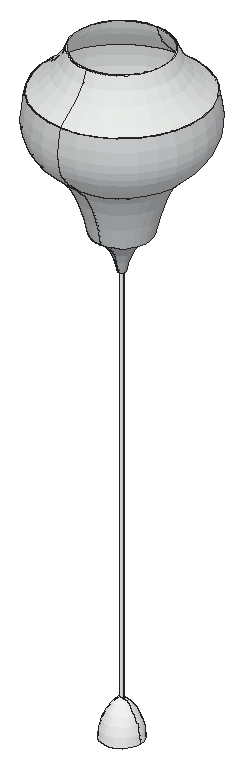
Revit family "Cirque 380 grey top", category Lighting Fixtures, host Face, Revit 2015
Parameters
  Width = 0 mm
  Weight (Kg) = 0
  Wattage = 96 W
  built-in parameter 1150110 = 1 (stored number, unit not read)
  Voltage (US Only) = 0 V
  Trim and Accessories = ""
  built-in parameter 1114217 = 1 (stored number, unit not read)
  Tilt Angle = -90.00°
  built-in parameter 1150109 = 1 (stored number, unit not read)
  built-in parameter 1150134 = 3
  Suspension Height [instance] = 1000 mm
  built-in parameter 1150113 = 1 (stored number, unit not read)
  Reflector Finish = none
  Product Documentation Link = ""
  Product Code = "x"
  Product Category = "Pendant"
  Power Factor (US Only) = 0
  Photometric Web File = "generic"
  Option = ""
  Number of Poles (US Only) = 0
  built-in parameter 1150142 = (empty or 0)
  Manufacturer = "Louis Poulsen Lighting"
  built-in parameter 1150105 = 267.38 (stored number, unit not read)
  Lumens = 3360 lm
  built-in parameter 1150115 = 1 (stored number, unit not read)
  Lighting Technique = ""
  built-in parameter 1150137 = (empty or 0)
  built-in parameter 1150139 = (empty or 0)
  Length = 0 mm
  built-in parameter 1150112 = 1 (stored number, unit not read)
  built-in parameter 1150114 = 1 (stored number, unit not read)
  Lamp = "x"
  Insulation Class (Not US) = ""
  built-in parameter 1150132 = 2
  built-in parameter 1150102 = (empty or 0)
  built-in parameter 1150107 = 3200 (stored number, unit not read)
  built-in parameter 1150138 = (empty or 0)
  built-in parameter 1150106 = 2.6738 (stored number, unit not read)
  IP (Not US) = ""
  IK (Not US - Outdoor only) = ""
  Height = 0 mm
  Efficiency (Lm/W) = ""
  built-in parameter 1150104 = 3.2516 (stored number, unit not read)
  Drawn By = "Louis Poulsen Lighting"
  Dimming Lamp Color Temperature Shift = <None>
  Designer = ""
  Description = "x"
  Default Elevation = 1000 mm
  Cut-off = "N/A"
  Color Filter = 16777215
  CRI = ""
  Build-in height = ""
  Bug Rating (US Outdoor Only) = "N/A"
  Body Finish = Default
  built-in parameter 1114218 = 1 (stored number, unit not read)
  built-in parameter 1150133 = 10 (stored number, unit not read)
Reference planes
  plane 1 "Center (Front/Back)": y = 0
  plane 2: z = 0
  plane 3 "Center (Left/Right)": x = 0
  plane 4 "Suspension height Ref Level": z = 1000
Forms (mm)
  Revolve 1, solid, material "Default"
    sketch origin (0, 0, 0) x (0, 1, 0) y (0, 0, 1)
      loop
        line (-8.406, 1000) -> (-6.583, 1000)
        spline (-6.583, 1000) -> (-8.491, 1010.201) -> (-10.89, 1019.821) -> (-13.782, 1028.86) -> (-17.169, 1037.316) -> (-21.054, 1045.189) -> (-25.436, 1052.476) -> (-30.317, 1059.172) -> (-35.695, 1065.273) -> (-41.572, 1070.776) -> (-47.942, 1075.678) -> (-54.803, 1079.977) -> (-62.148, 1083.67)
        line (-62.148, 1083.67) -> (-62.881, 1082.025)
        spline (-62.881, 1082.025) -> (-55.698, 1078.426) -> (-48.996, 1074.238) -> (-42.774, 1069.462) -> (-37.033, 1064.098) -> (-31.773, 1058.145) -> (-26.993, 1051.604) -> (-22.694, 1044.474) -> (-18.875, 1036.756) -> (-15.537, 1028.45) -> (-12.679, 1019.555) -> (-10.302, 1010.072) -> (-8.406, 1000)
      axis (0, 1000) -> (0, 1083.67)
    angle from 0 to 360
  Revolve 2, solid, material "Default"
    sketch origin (0, 0, 0) x (0, 1, 0) y (0, 0, 1)
      loop
        line (-62.881, 1082.025) -> (-61.12, 1082.399)
        spline (-61.12, 1082.399) -> (-64.163, 1096.786) -> (-67.405, 1111.069) -> (-70.923, 1125.156) -> (-74.791, 1138.956) -> (-79.087, 1152.378) -> (-83.885, 1165.331) -> (-89.266, 1177.722) -> (-95.308, 1189.46) -> (-102.09, 1200.453) -> (-109.69, 1210.604) -> (-118.185, 1219.815) -> (-127.652, 1227.986)
        line (-127.652, 1227.986) -> (-130.505, 1227.986)
        spline (-130.505, 1227.986) -> (-121.027, 1219.908) -> (-112.497, 1210.775) -> (-104.842, 1200.681) -> (-97.985, 1189.719) -> (-91.852, 1177.982) -> (-86.368, 1165.566) -> (-81.457, 1152.563) -> (-77.045, 1139.066) -> (-73.057, 1125.171) -> (-69.416, 1110.969) -> (-66.049, 1096.556) -> (-62.881, 1082.025)
      axis (0, 1082.025) -> (0, 1227.986)
    angle from 0 to 360
  Revolve 3, solid, material "Default"
    sketch origin (0, 0, 0) x (0, 1, 0) y (0, 0, 1)
      loop
        line (-130.505, 1227.986) -> (-127.652, 1227.986)
        spline (-127.652, 1227.986) -> (-145.912, 1243.037) -> (-159.212, 1256.033) -> (-168.701, 1267.672) -> (-175.548, 1278.683) -> (-180.75, 1289.724) -> (-184.555, 1301.082) -> (-187.009, 1312.987) -> (-188.145, 1325.676) -> (-187.99, 1339.329) -> (-186.578, 1354.001) -> (-183.947, 1369.578) -> (-180.137, 1385.955)
        line (-180.137, 1385.955) -> (-182.012, 1385.955)
        spline (-182.012, 1385.955) -> (-185.885, 1369.725) -> (-188.587, 1354.263) -> (-190.076, 1339.664) -> (-190.307, 1326.021) -> (-189.242, 1313.316) -> (-186.847, 1301.354) -> (-183.089, 1289.926) -> (-177.937, 1278.824) -> (-171.131, 1267.737) -> (-161.698, 1256.032) -> (-148.527, 1243.013) -> (-130.505, 1227.986)
      axis (0, 1385.955) -> (0, 1227.986)
    angle from 0 to 360
  Revolve 4, solid, material "Default"
    sketch origin (0, 0, 0) x (0, 1, 0) y (0, 0, 1)
      loop
        line (-182.012, 1385.955) -> (-180.98, 1384.48)
        spline (-180.98, 1384.48) -> (-172.527, 1390.564) -> (-164.234, 1396.869) -> (-156.161, 1403.423) -> (-148.368, 1410.254) -> (-140.917, 1417.387) -> (-133.867, 1424.85) -> (-127.281, 1432.67) -> (-121.221, 1440.872) -> (-115.75, 1449.481) -> (-110.931, 1458.522) -> (-106.828, 1468.02) -> (-103.503, 1478)
        line (-103.503, 1478) -> (-105.376, 1478)
        spline (-105.376, 1478) -> (-108.654, 1468.213) -> (-112.698, 1458.896) -> (-117.446, 1450.023) -> (-122.84, 1441.569) -> (-128.818, 1433.508) -> (-135.321, 1425.815) -> (-142.29, 1418.464) -> (-149.664, 1411.431) -> (-157.383, 1404.688) -> (-165.387, 1398.212) -> (-173.617, 1391.976) -> (-182.012, 1385.955)
      axis (0, 1478) -> (0, 1384.48)
    angle from 0 to 360
  Extrusion 5, solid, material "Louis poulsen Ledningshvid"
    sketch origin (0, 0, 0) x (1, 0, 0) y (0, 1, 0)
      loop
        circle (0, 0) r 4
    from 0 to 1000
  Revolve 6, solid, material "louis Poulsen Baldakin hvid"
    sketch origin (0, 0, 0) x (1, 0, 0) y (0, 0, 1)
      loop
        arc (-4.142, 87.022) -> (-34.13, 47.972) -> (-45.22, 0) r 116.001
        line (-45.22, 0) -> (-44.22, 0)
        arc (-44.22, 0) -> (-33.404, 47.167) -> (-4.142, 85.709) r 115.001
        line (-4.142, 85.709) -> (-4.142, 87.022)
      axis (0, 87.022) -> (0, 0)
    angle from 0 to 360
Dimensions and locks
  "Suspension Height": plane 4 "Suspension height Ref Level" to level
  locked: imposter light to Revolve 4 at 2.082
  aligned and locked: plane 2 to host face
  aligned and locked: level to host face
  aligned and locked: plane 4 "Suspension height Ref Level" to Extrusion 5
Automatic sketch dimensions
  host sketch curve to host sketch curve = 435.847 mm
  host sketch curve to host sketch curve = 434.036 mm
  Revolve 1 sketch curve to plane 4 "Suspension height Ref Level" = 0 mm
  Revolve 1 sketch curve to plane 1 "Center (Front/Back)" = 0 mm
  plane 1 "Center (Front/Back)" to Revolve 1 sketch curve = 6.583 mm
  Revolve 1 sketch curve to Revolve 1 sketch curve = 1.823 mm
  plane 1 "Center (Front/Back)" to Revolve 1 sketch curve = 62.148 mm
  Revolve 1 sketch curve to Revolve 1 sketch curve = 0.732 mm
  plane 4 "Suspension height Ref Level" to Revolve 1 sketch curve = 82.025 mm
  Revolve 1 sketch curve to Revolve 1 sketch curve = 1.644 mm
  Revolve 1 sketch curve to plane 4 "Suspension height Ref Level" = 5 mm
  Revolve 1 sketch curve to Revolve 1 sketch curve = 8.233 mm
  Revolve 2 sketch curve to plane 1 "Center (Front/Back)" = 0 mm
  plane 1 "Center (Front/Back)" to Revolve 2 sketch curve = 61.12 mm
  Revolve 2 sketch curve to Revolve 2 sketch curve = 1.761 mm
  plane 1 "Center (Front/Back)" to Revolve 2 sketch curve = 127.652 mm
  Revolve 2 sketch curve to Revolve 2 sketch curve = 2.853 mm
  plane 4 "Suspension height Ref Level" to Revolve 2 sketch curve = 82.025 mm
  Revolve 2 sketch curve to Revolve 2 sketch curve = 0.374 mm
  Revolve 2 sketch curve to Revolve 2 sketch curve = 145.961 mm
  plane 4 "Suspension height Ref Level" to Revolve 2 sketch curve = 62.986 mm
  Revolve 2 sketch curve to Revolve 2 sketch curve = 25 mm
  Revolve 3 sketch curve to plane 1 "Center (Front/Back)" = 0 mm
  plane 1 "Center (Front/Back)" to Revolve 3 sketch curve = 127.652 mm
  Revolve 3 sketch curve to Revolve 3 sketch curve = 2.853 mm
  Revolve 3 sketch curve to Revolve 3 sketch curve = 49.632 mm
  Revolve 3 sketch curve to Revolve 3 sketch curve = 1.875 mm
  plane 4 "Suspension height Ref Level" to Revolve 3 sketch curve = 227.986 mm
  Revolve 3 sketch curve to Revolve 3 sketch curve = 157.969 mm
  Revolve 3 sketch curve to Revolve 3 sketch curve = 22.031 mm
  Revolve 3 sketch curve to Revolve 3 sketch curve = 15 mm
  Revolve 4 sketch curve to plane 1 "Center (Front/Back)" = 0 mm
  plane 1 "Center (Front/Back)" to Revolve 4 sketch curve = 103.503 mm
  Revolve 4 sketch curve to Revolve 4 sketch curve = 1.873 mm
  Revolve 4 sketch curve to Revolve 4 sketch curve = 75.604 mm
  Revolve 4 sketch curve to Revolve 4 sketch curve = 1.032 mm
  plane 4 "Suspension height Ref Level" to Revolve 4 sketch curve = 384.48 mm
  Revolve 4 sketch curve to Revolve 4 sketch curve = 1.474 mm
  Revolve 4 sketch curve to Revolve 4 sketch curve = 92.045 mm
  Revolve 4 sketch curve to Revolve 4 sketch curve = 137.364 mm
  Revolve 4 sketch curve to Revolve 4 sketch curve = 32.636 mm
  plane 1 "Center (Front/Back)" to Extrusion 5 sketch curve = 0 mm
  Extrusion 5 sketch curve to plane 3 "Center (Left/Right)" = 0 mm
  Revolve 6 sketch curve to Revolve 6 sketch curve = 0 mm  (x2)
  Revolve 6 sketch curve to level = 0 mm
  Revolve 6 sketch curve to plane 3 "Center (Left/Right)" = 0 mm
  Revolve 6 sketch curve to plane 3 "Center (Left/Right)" = 4.142 mm
  Revolve 6 sketch curve to plane 3 "Center (Left/Right)" = 44.22 mm
  Revolve 6 sketch curve to Revolve 6 sketch curve = 1 mm
  Revolve 6 sketch curve to level = 1.546 mm
  plane 3 "Center (Left/Right)" to Revolve 6 sketch curve = 70.771 mm
  Revolve 6 sketch curve to level = 22.705 mm
  Revolve 6 sketch curve to Revolve 6 sketch curve = 5.272 mm
  radius of Extrusion 5 sketch curve = 4 mm
Nested families
  nested 1: "LP-Revit-Annotation" at (0, 0, 0), type "LP-Revit-Annotation"
Connectors
  electrical at (0, 0, 0)
    settings: index 1, voltage 0 V, apparent load 0 VA, apparent load phase1 0 VA, apparent load phase2 0 VA, apparent load phase3 0 VA, power factor 1, load classification "Other", number of poles 1, system type 31, power factor state 1, is connector primary yes, connector utility no, sub classification motor no, connector description ""
Definition of nested family "LP-Revit-Annotation"
  Reference planes
    plane 1: y = 0
    plane 2: x = 0
  Lines and regions (mm)
    detail lines
      curve 1: circle (0, 0, 0) r 2.5 normal (0, 0, 1)
      curve 2: line (-1.768, -1.768, 0) -> (1.768, 1.768, 0)
      curve 3: line (-1.768, 1.768, 0) -> (1.768, -1.768, 0)
  Dimensions and locks
    radius of curve 1 = 2.5 mm
